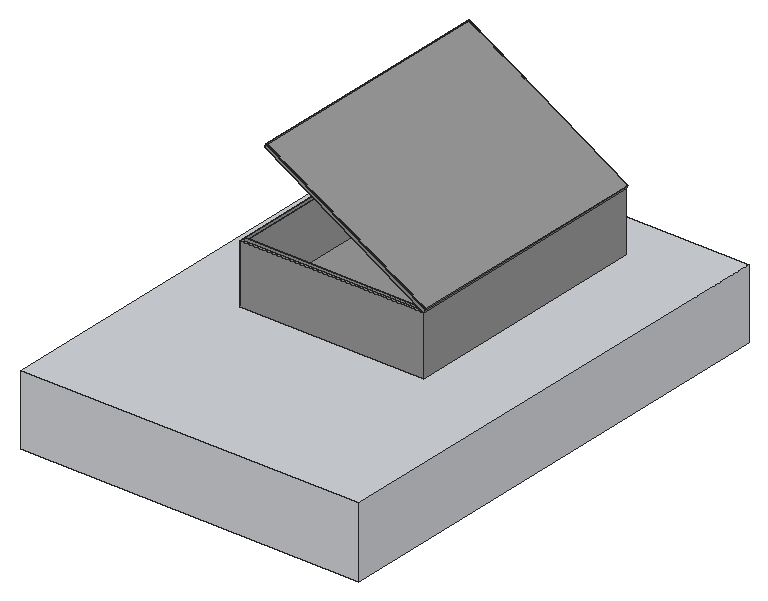
Revit family "Hager-Univers-IP55-D275-H1100-Cl.I-Steel_encl-PL-en", category Equipement électrique, Revit 2020
Family settings
  Hôte = Face
  Configuration du panneau = Deux colonnes, circuits au sein
  Cote de connecteur circulaire = Utiliser le diamètre
  Type d'élément = Tableau de raccordement
  Couper avec des vides une fois chargée = Non
  Partagée = Non
  Point de calcul de pièce = Non
Parameters (values of type "Surface mounted (plaster) IP55 W800 H1100 D275  - FR73E")
  Width Control [instance] = if([EF000008 - Width] > Min Width, [EF000008 - Width], Min Width)  # 800 mm
  Commentaires du type = [HG000003 - Range]  # "Univers"
  Thickness Door [instance] = if([EF009171 - Material plate thickness door/cover] > 3 mm, 3 mm, [EF009171 - Material plate thickness door/cover])  # 1.5 mm
  Seal Frame Offset [instance] = 17 mm  # constant formula
  Plinth Visibility [instance] = [HG000027 - Plinth height] > 0 mm  # no
  Model = ""
  Min Width [instance] = 100 mm  # constant formula
  Min Height [instance] = 100 mm  # constant formula
  Min Depth [instance] = (2 * [EF009170 - Material plate thickness cabinet]) + 1 mm  # 4 mm
  Internal Frame Depth [instance] = (Door System Depth * 0.5)  # 9 mm
  Height Control [instance] = if([EF000040 - Height] > Min Height, [EF000040 - Height], Min Height)  # 1100 mm
  HG000027 - Plinth height = 0 mm
  HG000026 - Floor standing = no
  HG000024 - Bottom section height = 800 mm
  HG000023 - Double section enclosure = no
  HG000016 - Door 3d visibility [instance] = yes
  HG000015 - Clearance visibility [instance] = no
  HG000014 - Door on the right [instance] = yes
  HG000013 - Door on the left [instance] = not([HG000014 - Door on the right])  # no
  HG000012 - Door swing angle [instance] = 30.00°
  HG000010 - Asymmetric doors = no
  HG000009 - Double swing door = no
  HG000006 - Flush mounted = no
  HG000004 - Manufacturer reference = "FR73E"
  HG000003 - Range = "Univers"
  HG000002 - With door or cover = yes
  Frame Offset Bottom [instance] = 10 mm  # constant formula
  Frame Offset [instance] = 15 mm  # constant formula
  EF015940 - Cover with overpressure release = no
  EF011959 - Degree of protection (NEMA) = ""
  EF009554 - Number of openings for flange plates = 6
  EF009212 - Cover model = "EV000116 - Closed"
  EF009171 - Material plate thickness door/cover = 1.5 mm
  EF009170 - Material plate thickness cabinet = 1.5 mm
  Fabricant = "Hager"  # constant formula
  EF008873 - Nominal current (In) = 800 A
  EF007800 - Suitable for lightning protection = no
  EF006306 - With lock = no
  EF006244 - Transparent cover/door = no
  EF005474 - Degree of protection (IP) = "EV006420 - IP55"
  EF004464 - Type of door = "EV002646 - Single"
  EF004427 - Number of modules = 252
  EF004293 - Impact strength = "EV008784 - IK10"
  EF003532 - Suitable for outdoor use = no
  EF002950 - Width in number of modular spacings = 24
  EF001613 - Circuit integrity = "EV000494 - None"
  EF001596 - Material housing = "EV000179 - Steel"
  EF001131 - Internal depth = 275 mm
  EF001088 - Extension possible = yes
  EF000437 - Number of conduit inlets = 6
  EF000339 - Type of cover = "EV004216 - Door"
  EF000266 - Number of rows = 7
  EF000218 - Built-in depth = 0 mm
  EF000118 - With mounting plate = no
  EF000116 - RAL-number = "7035"
  EF000049 - Depth = 275 mm
  EF000040 - Height = 1100 mm
  EF000008 - Width = 800 mm
  EF000007 - Colour = "EV000270 - Grey"
  EF000003 - Mounting method = "EV000384 - Surface mounted (plaster)"
  Door System Leaf Tolerance [instance] = 1.5 mm  # constant formula
  Door System Depth [instance] = 18 mm  # constant formula
  Door Height [instance] = Height Control - [HG000027 - Plinth height]  # 1100 mm
  Depth Control [instance] = if([EF000049 - Depth] > Min Depth, [EF000049 - Depth], Min Depth)  # 275 mm
  Default Elevation = 0 mm
  Connector Offset [instance] = Height Control / 2  # 550 mm
  Bottom Top Plate Trim [instance] = 1.5 mm  # constant formula
  Plinth height Ctrl [instance] = if([HG000027 - Plinth height] > 0 mm, [HG000027 - Plinth height], 12 mm)  # 12 mm
Types (5, lengths in mm): name | Width Control | HG000010 - Asymmetric doors | HG000009 - Double swing door | HG000004 - Manufacturer reference | EF009554 - Number of openings for flange plates | EF004464 - Type of door | EF004427 - Number of modules | EF000437 - Number of conduit inlets | EF000008 - Width
  Surface mounted (plaster) IP55 W1050 H1100 D275  - FR74E | 1050 | no | yes | "FR74E" | 8 | "EV003602 - Double" | 336 | 8 | 1050
  Surface mounted (plaster) IP55 W1300 H1100 D275  - FR75E | 1300 | yes | yes | "FR75E" | 10 | "EV003602 - Double" | 420 | 10 | 1300
  Surface mounted (plaster) IP55 W300 H1100 D275  - FR71E | 300 | no | no | "FR71E" | 2 | "EV002646 - Single" | 84 | 2 | 300
  Surface mounted (plaster) IP55 W550 H1100 D275  - FR72E | 550 | no | no | "FR72E" | 4 | "EV002646 - Single" | 168 | 4 | 550
  Surface mounted (plaster) IP55 W800 H1100 D275  - FR73E | 800 | no | no | "FR73E" | 6 | "EV002646 - Single" | 252 | 6 | 800
Reference planes
  plane 1 "Center (Front/Back)": y = 0
  plane 2: z = 0
  plane 3 "Center (Left/Right)": x = 0
  plane 4: z = 275
  plane 5: y = 1.5
  plane 6: y = 550
  plane 7: y = 0
  plane 8: y = 1100
  plane 9: z = 0
  plane 10: x = -385
  plane 11: x = 385
  plane 12: x = 383.5
  plane 13: x = -383.5
  plane 14: y = 1098.5
  plane 15: x = -383
  plane 16: x = -400
  plane 17: x = 383
  plane 18: x = 400
  plane 19: x = 398.5
  plane 20: x = -398.5
  plane 21: y = 11.5
  plane 22: y = 1100
  plane 23: y = 1083.5
  plane 24: z = 257
  plane 25: z = 1.5
  plane 26: z = 255.5
  plane 27: z = 273.5
Forms (mm)
  Extrusion 1, solid
    sketch origin (0, 0, 0) x (1, 0, 0) y (0, 1, 0)
      loop
        line (-702.964, 1305) -> (-702.964, -811.445) -> (766.763, -811.445) -> (766.763, 1305) -> (-702.964, 1305)
    from 0 to -304.8
  Extrusion 2, solid, material "Hager_Steel_RAL7035_Light_Grey", visible <- "Plinth Visibility", detail levels medium+fine
    sketch origin (0, 0, 0) x (1, 0, 0) y (0, 1, 0)
      loop
        line (-400, 0) -> (400, 0) -> (400, 12) -> (-400, 12) -> (-400, 0)
    from 0 to 257
  Extrusion 3, solid, material "Hager_Steel_RAL7035_Light_Grey", detail levels medium+fine
    sketch origin (0, 0, 0) x (1, 0, 0) y (0, 1, 0)
      loop
        line (-400, 0) -> (400, 0) -> (400, 1100) -> (-400, 1100) -> (-400, 0)
    from 0 to 257
  Extrusion 4, void
    sketch origin (0, 0, 0) x (1, 0, 0) y (0, 1, 0)
      loop
        line (-398.5, 1.5) -> (398.5, 1.5) -> (398.5, 1098.5) -> (-398.5, 1098.5) -> (-398.5, 1.5)
    from 1.5 to 255.5
  Extrusion 5, void
    sketch origin (-381.607, -4572, 257) x (0, -1, 0) y (-1, 0, 0)
      loop
        line (-4583.5, 1.893) -> (-5655.5, 1.893) -> (-5655.5, -765.107) -> (-4583.5, -765.107) -> (-4583.5, 1.893)
    from 0 to 1.5 <- "EF009170 - Material plate thickness cabinet"
  Extrusion 6, solid, material "Hager_Steel_RAL7035_Light_Grey", detail levels fine
    sketch origin (0, 0, 257) x (1, 0, 0) y (0, 1, 0)
      loop
        line (-383.5, 1083.5) -> (-383.5, 11.5) -> (383.5, 11.5) -> (383.5, 1083.5) -> (-383.5, 1083.5)
      loop
        line (-385, 10) -> (385, 10) -> (385, 1085) -> (-385, 1085) -> (-385, 10)
    from 0 to 9 <- "Internal Frame Depth"
  Extrusion 7, solid, material "Hager_Steel_RAL7035_Light_Grey", detail levels coarse
    sketch origin (0, 0, 0) x (1, 0, 0) y (0, 1, 0)
      loop
        line (-400, 0) -> (400, 0) -> (400, 1100) -> (-400, 1100) -> (-400, 0)
    from 0 to 275
  Sweep 8, void
    path in 3D
      loop
        line (-400, 12, 0) -> (400, 12, 0) -> (400, 12, 257) -> (-400, 12, 257) -> (-400, 12, 0)
    profile origin (-400, 12, 128.5) x (-1, 0, 0) y (0, -1, 0)
      loop
        line (0, 0) -> (0, 1.5) -> (-1.5, 1.5)
        arc (-1.5, 1.5) -> (-1.061, 0.439) -> (0, 0) r 1.5
Cuts and joins
  Extrusion 4, Extrusion 5 cuts Extrusion 3
  Sweep 8 cuts Extrusion 2
Lines and regions (mm)
  Masking region 1
    outline origin (0, 0, 0) x (1, 0, 0) y (0, 0, 1)
      loop
        line (-400, 275) -> (-400, 0) -> (400, 0) -> (400, 275) -> (-400, 275)
  Masking region 2, detail levels medium+fine
    outline origin (0, 140, 0) x (0, 1, 0) y (0, 0, 1)
      loop
        line (-140, 0) -> (960, 0) -> (960, 257) -> (-140, 257) -> (-140, 0)
  Masking region 3, not visible, detail levels medium+fine
    outline origin (0, 297.922, 0) x (0, 1, 0) y (0, 0, 1)
      loop
        line (263.578, 0) -> (303.578, 0) -> (303.578, 263.5)
        arc (303.578, 263.5) -> (300.649, 270.571) -> (293.578, 273.5) r 10
        line (293.578, 273.5) -> (263.578, 273.5) -> (263.578, 0)
  Masking region 4, detail levels coarse
    outline origin (0, 0, 180) x (0, 1, 0) y (0, 0, 1)
      loop
        line (0, -180) -> (1100, -180) -> (1100, 95) -> (0, 95) -> (0, -180)
  Masking region 5, visible <- "Plinth Visibility", detail levels medium+fine
    outline origin (0, 52.24, 12.345) x (0, 0, -1) y (0, 1, 0)
      loop
        line (10.845, -40.24) -> (-243.155, -40.24)
        arc (-243.155, -40.24) -> (-243.594, -41.301) -> (-244.655, -41.74) r 1.5
        line (-244.655, -41.74) -> (-244.655, -52.24) -> (12.345, -52.24) -> (12.345, -41.74)
        arc (12.345, -41.74) -> (11.285, -41.301) -> (10.845, -40.24) r 1.5
  Masking region 6, detail levels medium+fine
    outline origin (-381.607, -4572, 257) x (-1, 0, 0) y (0, -1, 0)
      loop
        line (18.393, -5672) -> (18.393, -4572) -> (-781.607, -4572) -> (-781.607, -5672) -> (18.393, -5672)
  Masking region 7, visible <- "Plinth Visibility", detail levels medium+fine
    outline origin (-381.607, -4727, 257) x (-1, 0, 0) y (0, -1, 0)
      loop
        arc (16.893, -4739) -> (17.332, -4737.939) -> (18.393, -4737.5) r 1.5
        line (18.393, -4737.5) -> (18.393, -4727) -> (-781.607, -4727) -> (-781.607, -4737.5)
        arc (-781.607, -4737.5) -> (-780.546, -4737.939) -> (-780.107, -4739) r 1.5
        line (-780.107, -4739) -> (16.893, -4739)
  Masking region 8, detail levels coarse
    outline origin (-442.548, -4669.526, 257) x (-1, 0, 0) y (0, -1, 0)
      loop
        line (-42.548, -5769.526) -> (-42.548, -4669.526) -> (-842.548, -4669.526) -> (-842.548, -5769.526) -> (-42.548, -5769.526)
  sketch lines
    curve 1: line (-400, 12, 257) -> (-400, 12, 0)
    curve 2: line (400, 12, 257) -> (-400, 12, 257)
    curve 3: line (400, 12, 257) -> (400, 12, 0)
    curve 4: line (-400, 12, 0) -> (400, 12, 0)
Dimensions and locks
  "Depth Control": plane 4 to Extrusion 1
  "HG000027 - Plinth height": plane 1 "Center (Front/Back)" to plane 7
  "EF009170 - Material plate thickness cabinet": plane 5 to plane 7
  locked: connector elem to plane 3 "Center (Left/Right)"
  equal spacing: plane 8, plane 6, plane 7
  locked: connector elem to plane 6
  "EF009170 - Material plate thickness cabinet": plane 8 to plane 14
  "EF009170 - Material plate thickness cabinet": plane 10 to plane 13
  "EF009170 - Material plate thickness cabinet": plane 12 to plane 11
  "Frame Offset": plane 20 to plane 13
  "Frame Offset": plane 12 to plane 19
  "EF009170 - Material plate thickness cabinet": plane 16 to plane 20
  "EF009170 - Material plate thickness cabinet": plane 19 to plane 18
  "Seal Frame Offset": plane 16 to plane 15
  "Seal Frame Offset": plane 17 to plane 18
  "Frame Offset Bottom": plane 21 to plane 5
  "Frame Offset": plane 14 to plane 23
  equal spacing: plane 16, plane 3 "Center (Left/Right)", plane 18
  "Width Control": plane 16 to plane 18
  "EF009170 - Material plate thickness cabinet": plane 4 to plane 27
  "EF009170 - Material plate thickness cabinet": plane 24 to plane 26
  "EF009170 - Material plate thickness cabinet": plane 25 to level
  "Door System Depth": plane 4 to plane 24
  "Height Control": plane 1 "Center (Front/Back)" to Extrusion 7 sketch curve
  "Height Control": Masking region 4 sketch curve to plane 1 "Center (Front/Back)"
  "Height Control": plane 1 "Center (Front/Back)" to plane 22
  "Bottom Top Plate Trim": profile plane to Sweep 8 sketch curve
  "Bottom Top Plate Trim": Sweep 8 sketch curve to profile plane
  "Plinth height Ctrl": plane 1 "Center (Front/Back)" to Extrusion 2 sketch curve
  "Plinth height Ctrl": Masking region 5 sketch curve to plane 1 "Center (Front/Back)"
  "Plinth height Ctrl": plane 1 "Center (Front/Back)" to Masking region 7 sketch curve
  "Thickness Door": Extrusion 6 sketch curve to Extrusion 6 sketch curve  (x3)
  "Thickness Door": cut or joined group of Extrusion 3, Extrusion 4, Extrusion 5 to Extrusion 6 sketch curve
  radius of Masking region 3 sketch curve = 10 mm
  "Bottom Top Plate Trim": radius of Masking region 5 sketch curve  (x2)
  "Bottom Top Plate Trim": radius of Sweep 8 sketch curve
  "Bottom Top Plate Trim": radius of Masking region 7 sketch curve  (x2)
  aligned and locked: plane 2 to Extrusion 1
  aligned and locked: level to Extrusion 1
  aligned and locked: level to Masking region 1 sketch curve
  aligned and locked: Masking region 1 sketch curve to plane 18
  aligned and locked: Masking region 1 sketch curve to plane 16
  aligned and locked: plane 7 to Masking region 2 sketch curve
  aligned and locked: level to Masking region 3 sketch curve
  aligned and locked: Masking region 3 sketch curve to plane 27
  aligned and locked: level to Masking region 2 sketch curve
  aligned and locked: plane 1 "Center (Front/Back)" to Extrusion 2 sketch curve
  aligned and locked: Extrusion 3 sketch curve to plane 7
  aligned and locked: plane 16 to Extrusion 3 sketch curve
  aligned and locked: plane 18 to Extrusion 3 sketch curve
  aligned and locked: plane 20 to Extrusion 4 sketch curve
  aligned and locked: plane 19 to Extrusion 4 sketch curve
  aligned and locked: Extrusion 4 sketch curve to plane 5
  aligned and locked: Extrusion 4 to plane 25
  aligned and locked: plane 26 to Extrusion 4
  aligned and locked: plane 24 to Extrusion 3
  aligned and locked: Extrusion 5 sketch curve to plane 21
  aligned and locked: Extrusion 5 sketch curve to plane 13
  aligned and locked: Extrusion 5 sketch curve to plane 12
  aligned and locked: plane 18 to Extrusion 7 sketch curve
  aligned and locked: plane 1 "Center (Front/Back)" to Extrusion 7 sketch curve
  aligned and locked: plane 16 to Extrusion 7 sketch curve
  aligned and locked: plane 4 to Extrusion 7
  aligned and locked: Extrusion 7 to level
  aligned and locked: level to Masking region 4 sketch curve
  aligned and locked: Masking region 4 sketch curve to plane 1 "Center (Front/Back)"
  aligned and locked: Masking region 4 sketch curve to plane 4
  aligned and locked: nested 1 to level
  aligned and locked: nested 1 to plane 16
  aligned and locked: plane 8 to Extrusion 3 sketch curve
  aligned and locked: plane 23 to Extrusion 5 sketch curve
  aligned and locked: plane 14 to Extrusion 4 sketch curve
  aligned and locked: Masking region 2 sketch curve to plane 8
  aligned and locked: level to Masking region 5 sketch curve
  aligned and locked: plane 16 to Extrusion 2 sketch curve
  aligned and locked: plane 18 to Extrusion 2 sketch curve
  aligned and locked: Masking region 5 sketch curve to plane 24
  aligned and locked: Masking region 2 sketch curve to plane 24
  aligned and locked: plane 24 to Extrusion 2
  aligned and locked: profile plane to Sweep 8 sketch curve  (x2)
  aligned and locked: Masking region 6 sketch curve to plane 18
  aligned and locked: Masking region 6 sketch curve to plane 22
  aligned and locked: Masking region 6 sketch curve to plane 16
  aligned and locked: plane 8 to plane 22
  aligned and locked: Masking region 6 sketch curve to plane 7
  aligned and locked: Masking region 7 sketch curve to plane 16
  aligned and locked: Masking region 7 sketch curve to plane 1 "Center (Front/Back)"
  aligned and locked: Masking region 7 sketch curve to plane 18
  aligned and locked: Masking region 8 sketch curve to plane 1 "Center (Front/Back)"
  aligned and locked: Masking region 8 sketch curve to plane 18
  aligned and locked: Masking region 8 sketch curve to plane 22
  aligned and locked: Masking region 8 sketch curve to plane 16
  aligned and locked: nested 2 to plane 7
  aligned and locked: plane 3 "Center (Left/Right)" to nested 2
  aligned and locked: nested 2 to plane 24
  aligned and locked: Extrusion 6 sketch curve to cut or joined group of Extrusion 3, Extrusion 4, Extrusion 5  (x4)
Automatic sketch dimensions
  Extrusion 1 sketch curve to Extrusion 1 sketch curve = 1469.727 mm
  Extrusion 1 sketch curve to Extrusion 1 sketch curve = 2116.445 mm
  Masking region 1 sketch curve to plane 4 = 0 mm
  plane 6 to Masking region 3 sketch curve = 11.5 mm
  Masking region 3 sketch curve to Masking region 3 sketch curve = 30 mm
  Masking region 5 sketch curve to plane 1 "Center (Front/Back)" = 0 mm
Nested families
  nested 1: "Hager_Enclosure_Symbol" at (-400, 0, 0) x (1, 0, 0) z (0, -1, 0), Height <- "Depth Control", Width <- "Width Control", type "Hager_Enclosure_Symbol"
    with Width_Ctrl 800 mm, Width 800 mm, Height_Ctrl 275 mm, Height 275 mm, A_Width_Int 18.047 mm, A_Width 216.562 mm, A_Height_Ctrl 240.625 mm, A_Height 240.625 mm
  nested 2: "EC000058_Univers_Door" at (0, 0, 257) x (1, 0, 0) z (0, 1, 0), Leaf_Tolerance <- "Door System Leaf Tolerance", Angle <- "HG000012 - Door swing angle", Door_Depth <- "Door System Depth", Door_Left <- "HG000013 - Door on the left", Transparent <- "EF006244 - Transparent cover/door", Assymetrical <- "HG000010 - Asymmetric doors", Width <- "Width Control", Clearance <- "HG000015 - Clearance visibility", Double <- "HG000009 - Double swing door", 3d_Door <- "HG000016 - Door 3d visibility", Lock_Visibility <- "EF006306 - With lock", Width_Ctrl <- "Width Control", Door_Right <- "HG000014 - Door on the right", Door <- "HG000002 - With door or cover", Height <- "Door Height", Thickness <- "Thickness Door", type "EC000058_Univers_Door", detail levels medium+fine
    with min_wh 4 mm, Width_Ctrl 800 mm, Width 800 mm, Transparent no, Thickness 1.5 mm, Seal_Material Hager_Rubber, Lock_Visibility no, Lock_Material Hager_Plastic_RAL9005_Jet_Black, Leaf_Width 800 mm, Leaf_Tolerance_External_Sides 0 mm, Leaf_Tolerance 1.5 mm, Leaf_Offset 0 mm, Leaf_Height 1097 mm, Leaf_2_Width 800 mm, Leaf_2_Offset 400 mm, Leaf_1_Width 800 mm, Leaf_1_Offset 400 mm, Height_Ctrl 1100 mm, Height 1100 mm, Glass_Material Hager_Glass, Double_Clearance_Ctrl no, Double no, Door_Right_Ctrl yes, Door_Right yes, Door_Material Hager_Steel_RAL7035_Light_Grey, Door_Left_Ctrl no, Door_Left no, Door_Depth 18 mm, Door yes, Clearance_Material Hager_Clearance, Clearance_Depth 800 mm, Clearance_Ctrl no, Clearance no, Assymetrical no, Angle 30.00°, 3d_Door yes
Connectors
  electrical at (0, 550, 0)
    settings: on plane 9, index 1, voltage 0 V, apparent load 0 VA, apparent load phase1 0 VA, apparent load phase2 0 VA, apparent load phase3 0 VA, power factor 1, load classification "Other", number of poles 1, system type 30, power factor state 1, is connector primary yes, connector utility no, sub classification motor no, connector description ""
Definition of nested family "EC000058_Univers_Door"
  Parameters (values of type "EC000058_Univers_Door")
    min_wh [instance] = (2 * Thickness) + 1 mm  # 11 mm
    Width_Ctrl [instance] = 400 mm
    Width [instance] = 500 mm
    Transparent [instance] = yes
    Thickness [instance] = 5 mm
    Seal_Material [instance] = none
    Lock_Visibility [instance] = yes
    Lock_Material [instance] = none
    Leaf_Width [instance] = if((Width_Ctrl - 2 * Leaf_Tolerance_External_Sides) > 0 mm, (Width_Ctrl - 2 * Leaf_Tolerance_External_Sides), min_wh)  # 400 mm
    Leaf_Tolerance_External_Sides [instance] = 0 mm  # constant formula
    Leaf_Tolerance [instance] = 1.5 mm
    Leaf_Offset [instance] = 0 mm  # constant formula
    Leaf_Height [instance] = if((Height_Ctrl - 2 * Leaf_Tolerance) > 0 mm, (Height_Ctrl - 2 * Leaf_Tolerance), min_wh)  # 497 mm
    Leaf_2_Width [instance] = if(and(and(Double, Assymetrical), Door_Left), (Leaf_Width / 3) - (Leaf_Tolerance / 2), if(and(and(Double, Assymetrical), Door_Right), (Leaf_Width / 3) * 2 - (Leaf_Tolerance / 2), if(and(Double, not(Assymetrical)), (Leaf_Width / 2) - Leaf_Tolerance, Leaf_Width)))  # 400 mm
    Leaf_2_Offset [instance] = if(and(Double, Assymetrical), Leaf_2_Width / 2, if(and(Double, not(Assymetrical)), Leaf_Width / 4, Leaf_Width / 2))  # 200 mm
    Leaf_1_Width [instance] = if(and(and(Double, Assymetrical), Door_Right), (Leaf_Width / 3) - (Leaf_Tolerance / 2), if(and(and(Double, Assymetrical), Door_Left), (Width / 3) * 2 - (Leaf_Tolerance / 2), if(and(Double, not(Assymetrical)), (Leaf_Width / 2) - Leaf_Tolerance, Leaf_Width)))  # 400 mm
    Leaf_1_Offset [instance] = if(and(Double, Assymetrical), Leaf_1_Width / 2, if(and(Double, not(Assymetrical)), Leaf_Width / 4, Leaf_Width / 2))  # 200 mm
    Height_Ctrl [instance] = if(Height > min_wh, Height, min_wh)  # 500 mm
    Height [instance] = 500 mm
    Glass_Material [instance] = none
    Double_Clearance_Ctrl [instance] = and(Double, Clearance)  # no
    Double [instance] = no
    Door_Right_Ctrl [instance] = and(or(Door_Right, Double), Door)  # yes
    Door_Right [instance] = yes
    Door_Material [instance] = none
    Door_Left_Ctrl [instance] = and(or(Door_Left, Double), Door)  # no
    Door_Left [instance] = no
    Door_Depth [instance] = 30 mm
    Door [instance] = yes
    Default Elevation = 1219.2 mm
    Clearance_Material [instance] = none
    Clearance_Depth [instance] = if(Leaf_1_Width > Leaf_2_Width, Leaf_1_Width, Leaf_2_Width)  # 400 mm
    Clearance_Ctrl [instance] = and(not(Double), Clearance)  # yes
    Clearance [instance] = yes
    Assymetrical [instance] = yes
    Angle [instance] = 30.00°
    3d_Door [instance] = yes
  Reference planes
    plane 1 "Center (Front/Back)": y = 0
    plane 2 "Bottom": z = 0
    plane 3 "Center (Left/Right)": x = 0
    plane 4: z = 500
    plane 5: x = -200
    plane 6: x = 200
    plane 7: z = 500
    plane 8: x = -200
    plane 9: z = 0
    plane 10: x = 200
    plane 11: y = 0
    plane 12: z = 1.5
    plane 13: x = -600
    plane 14: y = -400
    plane 15: x = 600
    plane 16: x = 0
    plane 17: x = 0
    plane 18: x = -200
    plane 19: x = 200
    plane 20: z = 498.5
  Forms (mm)
    Extrusion 1, solid, material <- "Clearance_Material", visible <- "Double_Clearance_Ctrl"
      sketch origin (1200, 0, 0) x (1, 0, 0) y (0, 0, -1)
        loop
          line (-1800, -498.5) -> (-600, -498.5) -> (-600, 0) -> (-1800, 0) -> (-1800, -498.5)
      from 0 to -400
  Dimensions and locks
    equal spacing: plane 5, plane 3 "Center (Left/Right)", plane 6
    "Width_Ctrl": plane 5 to plane 6
    "Leaf_Offset": plane 5 to plane 8
    "Leaf_Offset": plane 6 to plane 10
    "Leaf_Offset": plane 9 to level
    "Leaf_Offset": plane 4 to plane 7
    "Height_Ctrl": plane 4 to level
    "Leaf_Tolerance": plane 12 to plane 9
    locked: plane 11 to plane 1 "Center (Front/Back)"
    "Leaf_1_Offset": plane 18 to plane 16
    "Leaf_2_Offset": plane 17 to plane 19
    "Leaf_1_Width": plane 13 to plane 8
    "Leaf_2_Width": plane 10 to plane 15
    "Clearance_Depth": plane 14 to plane 1 "Center (Front/Back)"
    "Leaf_Tolerance_External_Sides": plane 8 to plane 18
    "Leaf_Tolerance_External_Sides": plane 19 to plane 10
    "Leaf_Tolerance": plane 7 to plane 20
    aligned and locked: level to plane 2 "Bottom"
    aligned and locked: nested 1 to plane 16
    aligned and locked: nested 2 to plane 17
    aligned and locked: Extrusion 1 to plane 13
    aligned and locked: plane 15 to Extrusion 1
    aligned and locked: Extrusion 1 to plane 14
    aligned and locked: plane 12 to nested 1
    aligned and locked: nested 2 to plane 12
    aligned and locked: Extrusion 1 to plane 11
    aligned and locked: plane 20 to Extrusion 1
    aligned and locked: nested 2 to plane 11
    aligned and locked: nested 1 to plane 11
  Automatic sketch dimensions
    Extrusion 1 sketch curve to level = 0 mm
    plane 5 to Extrusion 1 sketch curve = 400 mm
    plane 6 to Extrusion 1 sketch curve = 400 mm
    Extrusion 1 sketch curve to plane 4 = 1.5 mm
  Nested families
    nested 1: "EC000058_Univers_Door_Leaf" at (0, 0, 1.5), Width <- "Leaf_1_Width", visible <- "Door_Left_Ctrl", Leaf_Height <- "Leaf_Height", Angle <- "Angle", 3d_Door <- "3d_Door", Transparent <- "Transparent", Clearance Material <- "Clearance_Material", Clearance <- "Clearance_Ctrl", Door_Material <- "Door_Material", Glass_Material <- "Glass_Material", Door_Depth <- "Door_Depth", Lock_Material <- "Lock_Material", Seal_Material <- "Seal_Material", Lock_Visibility <- "Lock_Visibility", Thickness <- "Thickness", type "EC000058_Univers_Door_Leaf"
      with Width 400 mm, Transparent_Glass_Offset 30 mm, Transparent_Ctrl yes, Transparent yes, Thickness 5 mm, Standard no, Seal_Material none, Seal_D2 8 mm, Seal_D1 1 mm, Offset_Internal_Frame 10 mm, Lock_Width 20 mm, Lock_Visibility_3d yes, Lock_Visibility yes, Lock_Thickness_3 3 mm, Lock_Thickness_2 1 mm, Lock_Thickness_1 3 mm, Lock_Radius_Offset_2 16 mm, Lock_Radius_Offset_1 15 mm, Lock_Radius_2 5 mm, Lock_Radius 6 mm, Lock_Offset 5 mm, Lock_Material none, Lock_Height 80 mm, Lock_Cover_Top_Offset_2d 17 mm, Lock_Cover_Height -65 mm, Leaf_Height 497 mm, Internal_Seal_Thickness 8 mm, Internal_Seal_Depth_2 4.5 mm, Internal_Frame_Depth 25 mm, Glass_Thickness -1 mm, Glass_Offset -2 mm, Glass_Material none, Door_Material none, Door_Depth 30 mm, Clearance Material none, Clearance yes, Angle_Ctrl 30.00°, Angle 30.00°, 3d_Door yes
    nested 2: "EC000058_Univers_Door_Leaf" at (0, 0, 1.5) x (-1, 0, 0) z (0, 0, 1), Width <- "Leaf_2_Width", visible <- "Door_Right_Ctrl", Leaf_Height <- "Leaf_Height", Angle <- "Angle", 3d_Door <- "3d_Door", Transparent <- "Transparent", Clearance Material <- "Clearance_Material", Clearance <- "Clearance_Ctrl", Door_Material <- "Door_Material", Glass_Material <- "Glass_Material", Door_Depth <- "Door_Depth", Lock_Material <- "Lock_Material", Seal_Material <- "Seal_Material", Lock_Visibility <- "Lock_Visibility", Thickness <- "Thickness", type "EC000058_Univers_Door_Leaf"
      with Width 400 mm, Transparent_Glass_Offset 30 mm, Transparent_Ctrl yes, Transparent yes, Thickness 5 mm, Standard no, Seal_Material none, Seal_D2 8 mm, Seal_D1 1 mm, Offset_Internal_Frame 10 mm, Lock_Width 20 mm, Lock_Visibility_3d yes, Lock_Visibility yes, Lock_Thickness_3 3 mm, Lock_Thickness_2 1 mm, Lock_Thickness_1 3 mm, Lock_Radius_Offset_2 16 mm, Lock_Radius_Offset_1 15 mm, Lock_Radius_2 5 mm, Lock_Radius 6 mm, Lock_Offset 5 mm, Lock_Material none, Lock_Height 80 mm, Lock_Cover_Top_Offset_2d 17 mm, Lock_Cover_Height -65 mm, Leaf_Height 497 mm, Internal_Seal_Thickness 8 mm, Internal_Seal_Depth_2 4.5 mm, Internal_Frame_Depth 25 mm, Glass_Thickness -1 mm, Glass_Offset -2 mm, Glass_Material none, Door_Material none, Door_Depth 30 mm, Clearance Material none, Clearance yes, Angle_Ctrl 30.00°, Angle 30.00°, 3d_Door yes
  Definition of nested family "EC000058_Univers_Door_Leaf"
    Parameters (values of type "EC000058_Univers_Door_Leaf")
      Width [instance] = 2000 mm
      Transparent_Glass_Offset [instance] = 30 mm
      Transparent_Ctrl [instance] = and(Transparent, [3d_Door])  # yes
      Transparent [instance] = yes
      Thickness [instance] = 5 mm
      Standard [instance] = and(not(Transparent), [3d_Door])  # no
      Seal_Material [instance] = none
      Seal_D2 [instance] = 8 mm  # constant formula
      Seal_D1 [instance] = 1 mm  # constant formula
      Offset_Internal_Frame [instance] = 10 mm  # constant formula
      Lock_Width [instance] = 20 mm  # constant formula
      Lock_Visibility_3d [instance] = and(Lock_Visibility, [3d_Door])  # yes
      Lock_Visibility [instance] = yes
      Lock_Thickness_3 [instance] = 3 mm  # constant formula
      Lock_Thickness_2 [instance] = 1 mm  # constant formula
      Lock_Thickness_1 [instance] = 3 mm  # constant formula
      Lock_Radius_Offset_2 [instance] = Lock_Radius_Offset_1 + 1 mm  # 16 mm
      Lock_Radius_Offset_1 [instance] = 15 mm  # constant formula
      Lock_Radius_2 [instance] = Lock_Radius - 1 mm  # 5 mm
      Lock_Radius [instance] = 6 mm  # constant formula
      Lock_Offset [instance] = 5 mm  # constant formula
      Lock_Material [instance] = none
      Lock_Height [instance] = 80 mm  # constant formula
      Lock_Cover_Top_Offset_2d [instance] = Lock_Radius_Offset_2 + 1 mm  # 17 mm
      Lock_Cover_Height [instance] = -(Lock_Height - Lock_Radius_Offset_1)  # -65 mm
      Leaf_Height [instance] = 2720.336 mm
      Internal_Seal_Thickness [instance] = 8 mm  # constant formula
      Internal_Seal_Depth_2 [instance] = 4.5 mm  # constant formula
      Internal_Frame_Depth [instance] = if(Door_Depth - Thickness > 5 mm, Door_Depth - Thickness, 5 mm)  # 25 mm
      Glass_Thickness [instance] = if(Thickness > 15 mm, Glass_Offset + 10 mm, -1 mm)  # -1 mm
      Glass_Offset [instance] = if(Thickness > 15 mm, -(Thickness + 10 mm) / 2, -2 mm)  # -2 mm
      Glass_Material [instance] = none
      Door_Material [instance] = none
      Door_Depth [instance] = 30 mm
      Default Elevation = 0 mm
      Clearance Material [instance] = none
      Clearance [instance] = yes
      Angle_Ctrl [instance] = if(Angle > 180.00°, 180.00°, Angle)  # 90.00°
      Angle [instance] = 90.00°
      3d_Door [instance] = yes
    Reference planes
      plane 1 "Center (Front/Back)": y = 0
      plane 2: z = 0
      plane 3 "Center (Left/Right)": x = 0
      plane 4: y = 2000
      plane 5: x = -1000
      plane 6: x = 1000
      plane 7: x = -3000
      plane 8: z = 2720.336
      plane 9: z = 30
      plane 10: z = 2690.336
      plane 11: x = 970
      plane 12: x = -970
      plane 13: y = -3
      plane 14: z = 107.833
      plane 15: y = -5
      plane 16: y = -223.314
      plane 17: x = -1000
      plane 18: z = 1360.168
      plane 19: y = 30
    Forms (mm)
      Extrusion 1, solid, material <- "Clearance Material", visible <- "Clearance"
        sketch origin (0, 0, 0) x (1, 0, 0) y (0, 0, 1)
          loop
            line (-3000, 2720.336) -> (-3000, 0) -> (1000, 0) -> (1000, 2720.336) -> (-3000, 2720.336)
        from 0 to -2000
      Extrusion 2, solid, material <- "Door_Material", visible <- "Standard", detail levels medium+fine
        sketch origin (-1000, 0, 0) x (0, 1, 0) y (-1, 0, 0)
          loop
            line (0, 30) -> (0, 25) -> (2000, 25) -> (2000, 30) -> (0, 30)
        from 0 to 2720.336 <- "Leaf_Height"
      Extrusion 3, solid, material <- "Door_Material", visible <- "Transparent_Ctrl", detail levels medium+fine
        sketch origin (-1000, 0, 0) x (0, 1, 0) y (-1, 0, 0)
          loop
            line (0, 25) -> (2000, 25) -> (2000, 30) -> (0, 30) -> (0, 25)
        from 0 to 2720.336 <- "Leaf_Height"
      Extrusion 4, void
        sketch origin (-1025, 2000, 0) x (0, 1, 0) y (0, 0, -1)
          loop
            line (-30, -2690.336) -> (-30, -30) -> (-1970, -30) -> (-1970, -2690.336) -> (-30, -2690.336)
        from 0 to 5 <- "Thickness"
      Sweep 5, solid, material <- "Seal_Material", visible <- "Transparent_Ctrl", detail levels fine
        path in 3D
          loop
            line (-1025, 30, 30) -> (-1025, 30, 2690.336) -> (-1025, 1970, 2690.336) -> (-1025, 1970, 30) -> (-1025, 30, 30)
        profile origin (-1025, 1000, 30) x (1, 0, 0) y (0, 0, 1)
          loop
            line (0, 0) -> (0, -8) -> (1, -8) -> (1, 0) -> (0, 0)
      Extrusion 6, solid, material <- "Glass_Material", visible <- "Transparent_Ctrl", detail levels medium+fine
        sketch origin (-1030, 0, 0) x (0, 1, 0) y (0, 0, -1)
          loop
            line (1970, -2690.336) -> (1970, -30) -> (30, -30) -> (30, -2690.336) -> (1970, -2690.336)
        from -2 <- "Glass_Offset" to -1 <- "Glass_Thickness"
      Extrusion 7, solid, material <- "Door_Material", visible <- "3d_Door", detail levels medium+fine
        sketch origin (-1025, 2000, 0) x (0, -1, 0) y (0, 0, -1)
          loop
            line (0, -2720.336) -> (2000, -2720.336) -> (2000, 0) -> (0, 0) -> (0, -2720.336)
          loop
            line (1995, -5) -> (5, -5) -> (5, -2715.336) -> (1995, -2715.336) -> (1995, -5)
        from 0 to 25 <- "Internal_Frame_Depth"
      Sweep 8, solid, material <- "Seal_Material", visible <- "Transparent_Ctrl", detail levels fine
        path in 3D
          loop
            line (-1025, 0, 0) -> (-1025, 2000, 0) -> (-1025, 2000, 2720.336) -> (-1025, 0, 2720.336) -> (-1025, 0, 0)
        profile origin (-1025, 0, 1360.168) x (1, 0, 0) y (0, 1, 0)
          loop
            line (0, 10) -> (2.975, 10)
            arc (2.975, 10) -> (4.053, 10.447) -> (4.5, 11.525) r 1.525
            line (4.5, 11.525) -> (4.5, 16.527)
            arc (4.5, 16.527) -> (4.069, 17.569) -> (3.027, 18) r 1.473
            line (3.027, 18) -> (0, 18) -> (0, 10)
      Extrusion 9, solid, material <- "Lock_Material", visible <- "Lock_Visibility_3d", detail levels fine
        sketch origin (-1030, 0, 0) x (0, 1, 0) y (0, 0, -1)
          loop
            arc (1993.5, -1400.168) -> (1994.561, -1399.729) -> (1995, -1398.668) r 1.5
            line (1995, -1398.668) -> (1995, -1320.168) -> (1975, -1320.168) -> (1975, -1398.668)
            arc (1975, -1398.668) -> (1975.439, -1399.729) -> (1976.5, -1400.168) r 1.5
            line (1976.5, -1400.168) -> (1993.5, -1400.168)
        from 3 <- "Lock_Thickness_1" to 0
      Blend 10, solid, material <- "Lock_Material", visible <- "Lock_Visibility_3d", detail levels fine
        base sketch origin (-1033, 0, 0) x (0, 1, 0) y (0, 0, -1)
          loop
            line (1975, -1320.168) -> (1975, -1398.668)
            arc (1975, -1398.668) -> (1975.439, -1399.729) -> (1976.5, -1400.168) r 1.5
            line (1976.5, -1400.168) -> (1993.5, -1400.168)
            arc (1993.5, -1400.168) -> (1994.561, -1399.729) -> (1995, -1398.668) r 1.5
            line (1995, -1398.668) -> (1995, -1320.168) -> (1975, -1320.168)
        top sketch origin (-1033, 0, 0) x (0, 1, 0) y (0, 0, -1)
          loop
            line (1976, -1320.168) -> (1976, -1398.668)
            arc (1976, -1398.668) -> (1976.146, -1399.022) -> (1976.5, -1399.168) r 0.5
            line (1976.5, -1399.168) -> (1993.5, -1399.168)
            arc (1993.5, -1399.168) -> (1993.854, -1399.022) -> (1994, -1398.668) r 0.5
            line (1994, -1398.668) -> (1994, -1320.168) -> (1976, -1320.168)
        from 0 to 1 <- "Lock_Thickness_2"
      Blend 11, solid, material <- "Lock_Material", visible <- "Lock_Visibility_3d", detail levels fine
        base sketch origin (-1034, 0, 0) x (0, 1, 0) y (0, 0, -1)
          loop
            line (1978, -1320.168) -> (1978, -1384.168)
            arc (1978, -1384.168) -> (1985, -1391.168) -> (1992, -1384.168) r 7
            line (1992, -1384.168) -> (1992, -1320.168) -> (1978, -1320.168)
        top sketch origin (-1034, 0, 0) x (0, 1, 0) y (0, 0, -1)
          loop
            line (1991, -1320.168) -> (1979, -1320.168) -> (1979, -1383.168)
            arc (1979, -1383.168) -> (1985, -1389.168) -> (1991, -1383.168) r 6
            line (1991, -1383.168) -> (1991, -1320.168)
        from 0 to 3 <- "Lock_Thickness_3"
      Extrusion 12, solid, material <- "Lock_Material", visible <- "Lock_Visibility_3d", detail levels fine
        sketch origin (-1030, 1975, 1320.168) x (1, 0, 0) y (0, -1, 0)
          loop
            line (-7, -19) -> (-7, -1) -> (0, -1) -> (0, 0) -> (-8, 0) -> (-8, -20) -> (0, -20) -> (0, -19) -> (-7, -19)
        from 0 to -65 <- "Lock_Cover_Height"
      Extrusion 13, void
        sketch origin (-1038, 1995, 1320.168) x (-1, 0, 0) y (0, 0, -1)
          loop
            line (-5, -65) -> (0, -65) -> (-5, -60) -> (-5, -65)
        from 0 to 20 <- "Lock_Width"
      Extrusion 14, void
        sketch origin (-1038, 1975, 1320.168) x (0, -1, 0) y (0, 0, -1)
          loop
            circle (-10, -15.995) r 6
          loop
            circle (-10, -15.995) r 5
        from 0 to 2
      Extrusion 15, solid, material <- "Lock_Material", visible <- "Lock_Visibility_3d", detail levels medium
        sketch origin (-1030, 0, 0) x (0, 1, 0) y (0, 0, -1)
          loop
            arc (1993.5, -1400.168) -> (1994.561, -1399.729) -> (1995, -1398.668) r 1.5
            line (1995, -1398.668) -> (1995, -1320.168) -> (1975, -1320.168) -> (1975, -1398.668)
            arc (1975, -1398.668) -> (1975.439, -1399.729) -> (1976.5, -1400.168) r 1.5
            line (1976.5, -1400.168) -> (1993.5, -1400.168)
        from 8 to 0
    Cuts and joins
      Extrusion 4 cuts Extrusion 3
      Extrusion 13, Extrusion 14 cuts Extrusion 9
      Extrusion 14 cuts Blend 11
      Extrusion 13, Extrusion 14 cuts Extrusion 12
      joined: Extrusion 9, Blend 10, Blend 11, Extrusion 12
      Extrusion 14 cuts Extrusion 15
    Lines and regions (mm)
      Masking region 1, visible <- "Lock_Visibility", detail levels fine
        outline origin (0, 0, 0) x (0, 1, 0) y (0, 0, 1)
          loop
            line (30, 1320.168) -> (33, 1320.168) -> (33, 1400.168) -> (30, 1400.168) -> (30, 1320.168)
      Masking region 2, visible <- "Lock_Visibility", detail levels fine
        outline origin (0, 3.143, 0) x (0, 1, 0) y (0, 0, 1)
          loop
            line (29.857, 1354.168) -> (30.857, 1354.168) -> (30.857, 1366.168) -> (29.857, 1366.168) -> (29.857, 1354.168)
      Masking region 3, detail levels medium+fine
        outline origin (0, 0, 0) x (0, 1, 0) y (0, 0, 1)
          loop
            line (0, 0) -> (30, 0) -> (30, 2720.336) -> (0, 2720.336) -> (0, 0)
      Masking region 4, detail levels medium+fine
        outline origin (0, 0, 0) x (1, 0, 0) y (0, 0, 1)
          loop
            line (-1000, 2720.336) -> (-1000, 0) -> (1000, 0) -> (1000, 2720.336) -> (-1000, 2720.336)
      Masking region 5, visible <- "Lock_Visibility", detail levels fine
        outline origin (-47.116, 0, 0) x (1, 0, 0) y (0, 0, 1)
          loop
            arc (1024.616, 1399.168) -> (1023.556, 1398.729) -> (1023.116, 1397.668) r 1.5
            line (1023.116, 1397.668) -> (1023.116, 1320.168) -> (1041.116, 1320.168) -> (1041.116, 1397.668)
            arc (1041.116, 1397.668) -> (1040.677, 1398.729) -> (1039.616, 1399.168) r 1.5
            line (1039.616, 1399.168) -> (1024.616, 1399.168)
      Masking region 6, visible <- "Lock_Visibility", detail levels medium+fine
        outline origin (-25, 0, 0) x (1, 0, 0) y (0, 0, 1)
          loop
            arc (1001.5, 1400.168) -> (1000.439, 1399.729) -> (1000, 1398.668) r 1.5
            line (1000, 1398.668) -> (1000, 1320.168) -> (1020, 1320.168) -> (1020, 1398.668)
            arc (1020, 1398.668) -> (1019.561, 1399.729) -> (1018.5, 1400.168) r 1.5
            line (1018.5, 1400.168) -> (1001.5, 1400.168)
      Masking region 7, visible <- "Lock_Visibility", detail levels fine
        outline origin (-73.735, 0, 0) x (1, 0, 0) y (0, 0, 1)
          loop
            line (1051.735, 1382.168) -> (1065.735, 1382.168) -> (1065.735, 1384.168)
            arc (1065.735, 1384.168) -> (1058.735, 1391.168) -> (1051.735, 1384.168) r 7
            line (1051.735, 1384.168) -> (1051.735, 1382.168)
      Masking region 8, visible <- "Lock_Visibility", detail levels fine
        outline origin (-73.735, 0, 0) x (1, 0, 0) y (0, 0, 1)
          loop
            line (1052.735, 1382.168) -> (1064.735, 1382.168) -> (1064.735, 1383.168)
            arc (1064.735, 1383.168) -> (1058.735, 1389.168) -> (1052.735, 1383.168) r 6
            line (1052.735, 1383.168) -> (1052.735, 1382.168)
      Masking region 9, visible <- "Lock_Visibility", detail levels fine
        outline origin (-25, 0, 0) x (1, 0, 0) y (0, 0, 1)
          loop
            line (1020, 1320.168) -> (1020, 1382.168) -> (1000, 1382.168) -> (1000, 1320.168) -> (1020, 1320.168)
      Masking region 10, detail levels medium+fine
        outline origin (0, 0, 0) x (1, 0, 0) y (0, 0, 1)
          loop
            circle (985, 1335.144) r 6
      Masking region 11, detail levels fine
        outline origin (0, 0, 0) x (1, 0, 0) y (0, 0, 1)
          loop
            circle (985, 1335.144) r 5
      Masking region 12, visible <- "Lock_Visibility", detail levels fine
        outline origin (0, 12.767, 0) x (0, 1, 0) y (0, 0, 1)
          loop
            line (20.233, 1320.168) -> (21.233, 1320.168) -> (21.233, 1399.168) -> (20.233, 1400.168) -> (20.233, 1320.168)
      Masking region 13, visible <- "Lock_Visibility", detail levels fine
        outline origin (0, 13.767, -10) x (0, 1, 0) y (0, 0, 1)
          loop
            line (20.233, 1330.168) -> (23.233, 1330.168) -> (23.233, 1399.168) -> (20.233, 1402.168) -> (20.233, 1330.168)
      Masking region 14, visible <- "Lock_Visibility", detail levels fine
        outline origin (0, 12.767, -10) x (0, 1, 0) y (0, 0, 1)
          loop
            line (20.233, 1330.168) -> (25.233, 1330.168) -> (25.233, 1399.305) -> (20.233, 1394.305) -> (20.233, 1330.168)
      Masking region 15, visible <- "Lock_Visibility", detail levels medium
        outline origin (0, 0, 0) x (0, 1, 0) y (0, 0, 1)
          loop
            line (30, 1320.168) -> (38, 1320.168) -> (38, 1400.168) -> (30, 1400.168) -> (30, 1320.168)
      Masking region 16, visible <- "Lock_Visibility", detail levels fine
        outline origin (-1000, 0, 0) x (0, 1, 0) y (-1, 0, 0)
          loop
            line (1975, 30) -> (1995, 30) -> (1995, 38) -> (1975, 38) -> (1975, 30)
          loop
            line (1979, 37) -> (1976, 37) -> (1976, 34) -> (1978, 34) -> (1979, 37)
          loop
            line (1994, 37) -> (1991, 37) -> (1992, 34) -> (1994, 34) -> (1994, 37)
      Masking region 17, visible <- "Lock_Visibility", detail levels medium
        outline origin (-1000, 0, 0) x (0, 1, 0) y (-1, 0, 0)
          loop
            line (1975, 30) -> (1995, 30) -> (1995, 38) -> (1975, 38) -> (1975, 30)
      symbolic lines
        curve 1: line (1000, 0, 0) -> (-3000, 0, 0)
        curve 2: arc (1000, 0, 0) -> (-1000, 2000, 0) -> (-3000, 0, 0) r 2000
        curve 4: line (-1030, 0, 0) -> (-1030, 2000, 0)
      reference lines
        curve 3: line (-1000, 0, 0) -> (-1000, 2000, 0)
      symbolic lines, detail levels medium+fine
        curve 5: line (-1030, 2000, 0) -> (-1025, 2000, 0)
        curve 7: line (-1025, 0, 0) -> (-1030, 0, 0)
        curve 8: line (-1025, 0, 0) -> (-1000, 0, 0)
        curve 9: line (-1000, 0, 0) -> (-1000, 2000, 0)
        curve 10: line (-1000, 2000, 0) -> (-1025, 2000, 0)
      symbolic lines, detail levels fine
        curve 6: line (-1025, 2000, 0) -> (-1025, 0, 0)
      sketch lines
        curve 11: line (-1025, 0, 2720.336) -> (-1025, 0, 0)
        curve 12: line (-1025, 2000, 0) -> (-1025, 0, 0)
        curve 13: line (-1025, 2000, 2720.336) -> (-1025, 2000, 0)
        curve 14: line (-1025, 0, 2720.336) -> (-1025, 2000, 2720.336)
        curve 15: line (-1025, 1970, 30) -> (-1025, 30, 30)
        curve 16: line (-1025, 30, 30) -> (-1025, 30, 2690.336)
        curve 17: line (-1025, 1970, 2690.336) -> (-1025, 1970, 30)
        curve 18: line (-1025, 30, 2690.336) -> (-1025, 1970, 2690.336)
      symbolic lines, visible <- "Transparent", detail levels medium+fine
        curve 19: line (-970, 0, 2690.336) -> (970, 0, 2690.336)
        curve 20: line (-970, 0, 30) -> (-970, 0, 2690.336)
        curve 21: line (970, 0, 30) -> (-970, 0, 30)
        curve 22: line (970, 0, 2690.336) -> (970, 0, 30)
    Dimensions and locks
      "Width": plane 1 "Center (Front/Back)" to plane 4
      equal spacing: plane 5, plane 3 "Center (Left/Right)", plane 6
      "Width": plane 5 to plane 6
      "Width": plane 7 to plane 5
      "Leaf_Height": plane 8 to level
      "Width": curve 5 to curve 3
      "Width": curve 3 to curve 3
      plane 8 to plane 10 = 30 mm
      plane 9 to level = 30 mm
      plane 12 to plane 5 = 30 mm
      plane 6 to plane 11 = 30 mm
      Extrusion 1 to Extrusion 4 sketch curve = 30 mm
      "Transparent_Glass_Offset": curve 3 to Extrusion 4 sketch curve
      "Transparent_Glass_Offset": Extrusion 4 sketch curve to cut or joined group of Extrusion 3, Extrusion 4  (x2)
      cut or joined group of Extrusion 3, Extrusion 4 to Extrusion 6 sketch curve = 30 mm
      "Transparent_Glass_Offset": cut or joined group of Extrusion 3, Extrusion 4 to Extrusion 4 sketch curve
      "Thickness": curve 6 to curve 4
      "Thickness": Extrusion 7 sketch curve to Extrusion 7 sketch curve  (x4)
      "Door_Depth": curve 4 to curve 3
      "Offset_Internal_Frame": profile plane to Sweep 8 sketch curve
      "Internal_Seal_Thickness": Sweep 8 sketch curve to Sweep 8 sketch curve
      "Internal_Seal_Depth_2": profile plane to Sweep 8 sketch curve
      "Seal_D1": profile plane to Sweep 5 sketch curve
      "Seal_D2": profile plane to Sweep 5 sketch curve
      "Thickness": Extrusion 2 sketch curve to Extrusion 2 sketch curve
      equal spacing: Extrusion 9 sketch curve, plane 18, Extrusion 9 sketch curve  (x2)
      equal spacing: Masking region 1 sketch curve, plane 18, Masking region 1 sketch curve
      "Lock_Height": Masking region 1 sketch curve to Masking region 1 sketch curve
      "Lock_Radius": Masking region 2 sketch curve to plane 18 to Masking region 2 sketch curve
      Masking region 2 sketch curve to Masking region 1 = 1 mm
      "Door_Depth": plane 19 to plane 1 "Center (Front/Back)"
      "Lock_Thickness_1": Masking region 1 sketch curve to plane 19
      "Lock_Width": Extrusion 9 sketch curve to Extrusion 9 sketch curve
      "Lock_Height": Extrusion 9 sketch curve to Extrusion 9 sketch curve
      "Lock_Offset": cut or joined group of Extrusion 3, Extrusion 4 to Extrusion 9 sketch curve
      equal spacing: plane 8, plane 18, level
      "Lock_Radius_Offset_1": Blend 11 sketch curve to Blend 10
      locked: Blend 10 to Blend 11 sketch curve at 2  (x2)
      locked: var sketch to Blend 11 sketch curve at 1  (x2)
      "Lock_Radius_Offset_2": Blend 11 sketch curve to Blend 10
      locked: Extrusion 12 sketch curve to Extrusion 12 sketch curve at 1  (x3)
      Masking region 6 sketch curve to Masking region 6 sketch curve = 80 mm
      "Lock_Height": Masking region 6 sketch curve to Masking region 6 sketch curve
      "Lock_Width": Masking region 6 sketch curve to Masking region 6 sketch curve
      locked: Masking region 6 to Masking region 5 sketch curve at 1  (x3)
      locked: Masking region 5 to Masking region 7 sketch curve at 2  (x2)
      "Lock_Radius_Offset_1": Masking region 5 to Masking region 7 sketch curve
      "Lock_Radius_Offset_2": Masking region 5 to Masking region 8 sketch curve
      locked: Masking region 7 to Masking region 8 sketch curve at 1  (x2)
      "Lock_Cover_Top_Offset_2d": Masking region 5 to Masking region 9 sketch curve
      equal spacing: Masking region 9, Masking region 10 sketch curve, Masking region 9
      equal spacing: Masking region 9, Masking region 11 sketch curve, Masking region 9
      Extrusion 15 sketch curve to Extrusion 15 sketch curve = 80 mm
      "Lock_Width": Extrusion 15 sketch curve to Extrusion 15 sketch curve
      "Lock_Height": Extrusion 15 sketch curve to Extrusion 15 sketch curve
      equal spacing: Extrusion 15 sketch curve, plane 18, Extrusion 15 sketch curve
      "Lock_Thickness_3": Masking region 13 sketch curve to Masking region 13 sketch curve
      "Lock_Height": Masking region 12 sketch curve to Masking region 12 sketch curve
      locked: Masking region 13 sketch curve to Masking region 1 at 8
      locked: Masking region 14 sketch curve to Masking region 13 at 1
      locked: Masking region 14 sketch curve to Masking region 1 at 10.863
      "Lock_Height": Masking region 15 sketch curve to Masking region 15 sketch curve
      "Lock_Offset": Extrusion 15 sketch curve to cut or joined group of Extrusion 3, Extrusion 4
      "Lock_Offset": plane 6 to Masking region 6 sketch curve
      radius of Sweep 8 sketch curve = 1.525 mm
      radius of Sweep 8 sketch curve = 1.473 mm
      radius of Extrusion 9 sketch curve = 1.5 mm  (x2)
      "Lock_Radius": radius of Extrusion 14 sketch curve
      "Lock_Radius_2": radius of Extrusion 14 sketch curve
      "Lock_Radius": radius of Masking region 10 sketch curve
      "Lock_Radius_2": radius of Masking region 11 sketch curve
      radius of Extrusion 15 sketch curve = 1.5 mm  (x2)
      "Angle_Ctrl": angle plane 1 "Center (Front/Back)" to curve 3
      locked: Masking region 12 sketch curve to Masking region 12 sketch curve (angle 45.00°)
      locked: Masking region 13 sketch curve to Masking region 13 sketch curve (angle 45.00°)
      locked: Masking region 14 sketch curve to Masking region 14 sketch curve (angle 45.00°)
      aligned and locked: level to plane 2
      aligned and locked: Extrusion 1 to curve 1
      aligned and locked: plane 6 to Extrusion 1
      aligned and locked: Extrusion 1 to plane 1 "Center (Front/Back)"
      aligned and locked: plane 4 to Extrusion 1
      aligned and locked: plane 8 to Extrusion 1
      aligned and locked: curve 7 to Extrusion 2 sketch curve
      aligned and locked: curve 5 to Extrusion 2 sketch curve
      aligned and locked: curve 7 to Extrusion 3 sketch curve
      aligned and locked: Extrusion 3 sketch curve to curve 4
      aligned and locked: Extrusion 3 sketch curve to curve 6
      aligned and locked: Extrusion 3 sketch curve to curve 5
      aligned and locked: curve 9 to curve 3
      aligned and locked: Extrusion 7 sketch curve to cut or joined group of Extrusion 3, Extrusion 4  (x4)
      aligned and locked: plane 17 to curve 3
      aligned and locked: plane 1 "Center (Front/Back)" to curve 3
      aligned and locked: plane 17 to plane 5
      aligned and locked: Sweep 8 sketch curve to profile plane
      aligned and locked: Sweep 5 sketch curve to profile plane  (x2)
      aligned and locked: Masking region 1 to Masking region 2 sketch curve
      aligned and locked: plane 19 to Masking region 1 sketch curve
      aligned and locked: plane 1 "Center (Front/Back)" to Masking region 3 sketch curve
      aligned and locked: plane 19 to Masking region 3 sketch curve
      aligned and locked: level to Masking region 3 sketch curve
      aligned and locked: Masking region 3 sketch curve to plane 8
      aligned and locked: plane 17 to Masking region 4 sketch curve
      aligned and locked: level to Masking region 4 sketch curve
      aligned and locked: Masking region 4 sketch curve to plane 8
      aligned and locked: plane 12 to curve 20
      aligned and locked: plane 10 to curve 19
      aligned and locked: plane 11 to curve 22
      aligned and locked: curve 21 to plane 9
      aligned and locked: Extrusion 2 sketch curve to cut or joined group of Extrusion 3, Extrusion 4
      aligned and locked: Blend 10 sketch curve to Extrusion 9  (x4)
      aligned and locked: Extrusion 9 to Blend 10 sketch curve
      aligned and locked: Blend 10 to Blend 11 sketch curve
      aligned and locked: Extrusion 12 sketch curve to Blend 11
      aligned and locked: Extrusion 12 sketch curve to Extrusion 9  (x4)
      aligned and locked: Masking region 5 sketch curve to Masking region 6
      aligned and locked: Masking region 9 sketch curve to Masking region 6  (x3)
      aligned and locked: Masking region 12 sketch curve to Masking region 1
      aligned and locked: Masking region 13 sketch curve to Masking region 1
      aligned and locked: Masking region 12 to Masking region 14
      aligned and locked: Masking region 14 sketch curve to Masking region 1
      aligned and locked: Masking region 15 sketch curve to Masking region 14
      aligned and locked: Masking region 13 sketch curve to Masking region 12
      aligned and locked: Masking region 16 sketch curve to cut or joined group of Extrusion 14, Extrusion 15  (x4)
      aligned and locked: Masking region 16 sketch curve to cut or joined group of Extrusion 9, Blend 10, Blend 11, Extrusion 12, Extrusion 13, Extrusion 14  (x6)
      aligned and locked: cut or joined group of Extrusion 9, Blend 10, Blend 11, Extrusion 12, Extrusion 13, Extrusion 14 to Masking region 16 sketch curve
      aligned and locked: Masking region 17 sketch curve to cut or joined group of Extrusion 14, Extrusion 15  (x3)
      aligned and locked: Masking region 17 sketch curve to cut or joined group of Extrusion 9, Blend 10, Blend 11, Extrusion 12, Extrusion 13, Extrusion 14
      aligned and locked: Masking region 9 to Masking region 8 sketch curve
      aligned and locked: Masking region 9 to Masking region 7 sketch curve
    Automatic sketch dimensions
      plane 1 "Center (Front/Back)" to curve 2 = 0 mm
      curve 2 to plane 5 = 0 mm
      Extrusion 1 sketch curve to level = 0 mm
      Extrusion 1 sketch curve to plane 7 = 0 mm
      Extrusion 1 sketch curve to plane 6 = 0 mm
      Extrusion 1 sketch curve to plane 8 = 0 mm
      Extrusion 3 to Extrusion 6 sketch curve = 30 mm  (x4)
      Masking region 4 sketch curve to plane 6 = 0 mm
      Blend 10 sketch curve to Extrusion 9 = 1.5 mm
      Blend 10 sketch curve to Extrusion 9 = 1 mm
      Extrusion 13 sketch curve to Extrusion 12 = 0 mm  (x2)
      Extrusion 12 to Extrusion 13 sketch curve = 3 mm
      Extrusion 13 sketch curve to Extrusion 12 = 5 mm
      Extrusion 14 sketch curve to Extrusion 14 sketch curve = 0 mm  (x2)
      Extrusion 14 sketch curve to Extrusion 12 = 10 mm
      Extrusion 14 sketch curve to Extrusion 12 = 15.995 mm
      Masking region 5 sketch curve to Masking region 5 sketch curve = 1.5 mm  (x2)
      Masking region 10 sketch curve to plane 18 = 25.024 mm
      Masking region 11 sketch curve to plane 18 = 25.024 mm
      plane 19 to Masking region 14 sketch curve = 3 mm
      Masking region 16 sketch curve to Masking region 16 sketch curve = 3 mm
      curve 4 to curve 3 = 0 mm
      Blend 10 to Blend 11 sketch curve = 0 mm
      Masking region 6 sketch curve to Masking region 6 sketch curve = 1.5 mm  (x2)
      Masking region 6 sketch curve to plane 18 = 40 mm
      plane 19 to Masking region 12 sketch curve = 3 mm
      Masking region 12 sketch curve to Masking region 12 sketch curve = 1 mm
      Masking region 15 sketch curve to plane 19 = 0 mm
      Masking region 15 sketch curve to plane 18 = 40 mm
      radius of Blend 10 sketch curve to Extrusion 9 = 1 mm
Definition of nested family "Hager_Enclosure_Symbol"
  Parameters (values of type "Hager_Enclosure_Symbol")
    Width_Ctrl [instance] = if(Width > 1 mm, Width, 1 mm)  # 102.27 mm
    Width [instance] = 102.27 mm
    Height_Ctrl [instance] = if(Height > 1 mm, Height, 1 mm)  # 66.5 mm
    A_Width_Int [instance] = if(A_Width / 12 > 2 mm, A_Width / 12, 2 mm)  # 4.364 mm
    A_Width [instance] = if(A_Height_Ctrl * 0.9 > 2 mm, A_Height_Ctrl * 0.9, 2 mm)  # 52.369 mm
    A_Height_Ctrl [instance] = if(A_Height > 2 mm, A_Height, 2 mm)  # 58.188 mm
    Height [instance] = 66.5 mm
    A_Height [instance] = Height - (Height / 8)  # 58.188 mm
  Reference planes
    plane 1 "Centre (avant/arrière)": y = 0
    plane 2: z = 0
    plane 3 "Centre (gauche/droite)": x = 0
    plane 4: x = 52.369
    plane 5: y = 33.042
    plane 6: y = 41.77
    plane 7: y = 66.5
    plane 8: x = 26.184
    plane 9: y = 37.406
    plane 10: x = 102.27
    plane 11: y = 66.5
    plane 12: y = 8.313
  Lines and regions (mm)
    Filled region 1, type "Solid_Black", in view "Niveau de réf."
      outline origin (0, 0, 0) x (1, 0, 0) y (0, 1, 0)
        loop
          line (52.369, 66.5) -> (33.188, 54.536) -> (45.365, 45.006) -> (52.369, 66.5)
    Filled region 2, type "Solid_Black", in view "Niveau de réf."
      outline origin (0, 0, 0) x (1, 0, 0) y (0, 1, 0)
        loop
          line (0, 0) -> (102.27, 0) -> (102.27, 66.5) -> (0, 0)
    detail lines, in view "Niveau de réf."
      curve 1: line (0, 8.313, 0) -> (26.184, 41.77, 0)
      curve 2: line (26.184, 41.77, 0) -> (26.184, 33.042, 0)
      curve 3: line (26.184, 33.042, 0) -> (52.369, 66.5, 0)
  Dimensions and locks
    "A_Width": plane 3 "Centre (gauche/droite)" to plane 4
    equal spacing: plane 3 "Centre (gauche/droite)", plane 8, plane 4
    equal spacing: plane 6, plane 9, plane 5
    equal spacing: curve 3, Filled region 1 sketch curve, Filled region 1 sketch curve
    "Height_Ctrl": plane 1 "Centre (avant/arrière)" to plane 11
    "A_Height_Ctrl": plane 11 to plane 12
    equal spacing: plane 11, plane 9, plane 12
    "A_Width_Int": plane 6 to plane 9
    "Width_Ctrl": plane 3 "Centre (gauche/droite)" to plane 10
    angle Filled region 1 sketch curve to curve 3 = 20.00°
    angle curve 3 to Filled region 1 sketch curve = 20.00°
    locked: curve 3 to Filled region 1 sketch curve (angle 90.00°)
    aligned and locked: plane 10 to Filled region 2
    aligned and locked: plane 11 to Filled region 2 sketch curve
    aligned and locked: plane 10 to Filled region 2 sketch curve
    aligned and locked: plane 3 "Centre (gauche/droite)" to curve 1
    aligned and locked: plane 12 to curve 1
    aligned and locked: plane 7 to plane 11
  Automatic sketch dimensions
    Filled region 1 sketch curve to plane 4 = 0 mm
    Filled region 1 sketch curve to plane 7 = 0 mm
    plane 1 "Centre (avant/arrière)" to Filled region 2 sketch curve = 0 mm
    Filled region 2 sketch curve to plane 3 "Centre (gauche/droite)" = 0 mm
    curve 2 to plane 6 = 0 mm
    curve 2 to plane 8 = 0 mm
    curve 3 to plane 4 = 0 mm
    curve 2 to plane 5 = 0 mm
    curve 3 to plane 7 = 0 mm
